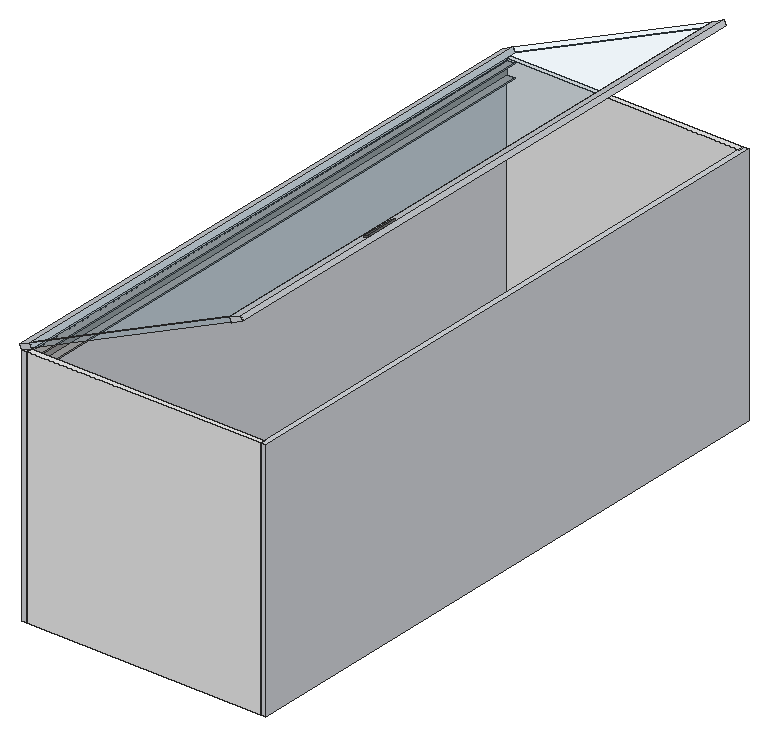
Revit family "Domotics-NetworkCabling-GEWISS-CABINETS_FLOOR-MOUNTED_19_42U_D800", category Apparecchi elettrici, host Superficie, Revit 2019
Family settings
  Host = Superficie
  Mantenere orientamento annotazione = Sì
  Quota connettore circolare = Usa diametro
  Tipo di parte = Normale
  Numero OmniClass = 23.80.30.00
  Titolo OmniClass = Distribution Devices
  Taglio con vuoti quando caricato = No
  Condiviso = No
  Punto di calcolo locali = Sì
Parameters (values of type "GW38463 - FLOOR RACK CABINET 19 42U 800x800MM")
  simbolo in pianta [instance] = yes
  n_poli = 1
  barra din = yes
  Visibilità sportello [instance] = yes
  Version file RFA = "21.2"
  URL = "https://www.gewiss.com/ww/en"
  Type of door = "Reversible"
  Technical sheet = "https://www.gewiss.com/ww/en/search?q=GW38463"
  Static load capacity = "1000KG"
  SEO = "Cabinet"
  Realized by GEWISS S.p.A. = ""
  Prospetto di default = 900 mm
  Produttore = "GEWISS S.p.A."
  Outer dim. LxHxD (mm) = "800x1985x800"
  Nome quadro [instance] = "n.quadro"
  No. uprights = "4"
  Modello = "GW38463"
  Material = "Steel"
  Immagine tipo = C.jpg
  IP degree = "IP20"
  IDT = "cd83dd094835441a857497f56a0b9f0e"
  IDF = "53d4e88d-f4b9-4eae-8332-a898a22cfa6d"
  Finishing = "Textured"
  Electrocod = "3752"
  Door opening = "135°"
  Distanza_x [instance] = 300 mm
  Distanza simbolo [instance] = 0 mm
  Distanza effettiva x [instance] = 1000 mm - Distanza_x  # 700 mm
  Descrizione = "FLOOR RACK CABINET 19 42U 800x800MM"
  Depth (mm) = "800 mm"
  Colour = "Grey (RAL 7035)"
  Category = "19” floor-standing cabinet"
  Catalogue = "DOMOTICS"
  Cabling unity = "42U"
  COBie.Tagnumber = ""
  COBie.CreatedOn = ""
  COBie.CreatebBy = ""
  COBie.ComponentRegisterItemID = ""
  COBie.Component.TagNumber = ""
  COBie.Component.Space = ""
  COBie.Component.SerialNumber = ""
  COBie.Component.InstallationDate = ""
  COBie.Component.Description = ""
  COBie.Component.BarCode = ""
  Apertura [instance] = 25.00°
Reference planes
  plane 1 "Centro (Fronte/Retro)": y = 0
  plane 2: z = 0
  plane 3 "Centro (Sinistra/Destra)": x = 0
  plane 4: x = -1380.34
  plane 5: x = -680.34
Forms (mm)
  Extrusion 1, solid, detail levels coarse
    sketch origin (0, 0, 0) x (1, 0, 0) y (0, 1, 0)
      loop
        line (783.5, 0) -> (783.5, 1985) -> (-16.5, 1985) -> (-16.5, 0) -> (783.5, 0)
    from 0 to 600
Dimensions and locks
  plane 4 to plane 3 "Centro (Sinistra/Destra)" = 1380.34 mm
  "Distanza effettiva x": plane 4 to plane 5
  aligned and locked: host face to plane 2
  aligned and locked: host face to level
  aligned and locked: plane 1 "Centro (Fronte/Retro)" to nested 1
  aligned and locked: nested 2 to plane 5
  aligned and locked: Extrusion 1 sketch curve to nested 1  (x4)
  aligned and locked: plane 3 "Centro (Sinistra/Destra)" to nested 1
  aligned and locked: nested 1 to host face
Automatic sketch dimensions
  host sketch curve to host sketch curve = 3398.537 mm
  host sketch curve to host sketch curve = 3619.2 mm
Nested families
  nested 1: "DATACENTER ARMADIO PARETE 42U P800mM_BASE" at (-16.5, 0, 0), Apertura <- "Apertura", Sportello <- "Visibilità sportello", visible <- "Visibilità sportello", Barra din <- "barra din", Sportello visibile <- "Visibilità sportello", type "DATACENTER ARMADIO PARETE 42U P800mM_BASE", detail levels medium+fine
    with Sportello visibile yes, Sportello yes, Barra din yes, Apertura 25.00°
  nested 2: "DATACENTERsimbolo" at (-680.34, 911.19, 0), Distanza dal muro <- "Distanza simbolo", SIMBOLO ACCESO <- "simbolo in pianta", visible <- "simbolo in pianta", type "3P"
    with SIMBOLO ACCESO yes, Distanza dal muro 0 mm
Connectors
  electrical at (383.5, 992.5, 0), driven by "n_poli"
    settings: on nested 1, index 1, voltage 0 V, apparent load 0 VA, apparent load phase1 0 VA, apparent load phase2 0 VA, apparent load phase3 0 VA, power factor 1, load classification "Altro", number of poles 1, system type 31, power factor state 1, is connector primary yes, connector utility no, sub classification motor no, connector description ""
Definition of nested family "DATACENTER ARMADIO PARETE 42U P800mM_BASE"
  Parameters (values of type "DATACENTER ARMADIO PARETE 42U P800mM_BASE")
    Struttura = none
    Sportello_vetro = none
    Sportello visibile [instance] = yes
    Sportello lato = none
    Sportello [instance] = yes
    Profondità quadro = 800 mm  # constant formula
    L_quadro = 800 mm  # constant formula
    Barra din [instance] = yes
    Altezza quadro = 1985 mm  # constant formula
    Apertura [instance] = 32.00°
  Reference planes
    plane 1 "Centro (Fronte/Retro)": y = 0
    plane 2: z = 0
    plane 3 "Centro (Sinistra/Destra)": x = 0
    plane 4: x = 800
    plane 5: y = 1985
    plane 6: x = 16.5
    plane 7: y = 1968.5
    plane 8: y = 16.5
    plane 9: x = 783.5
    plane 10: z = 800
    plane 11: z = 16.5
    plane 12: x = 46.5
    plane 13: x = 18.5
    plane 14: z = 796
    plane 15: z = 751
    plane 16: z = 794
    plane 17: x = 20.5
    plane 18: z = 753
    plane 19: x = 44.5
    plane 20: z = 18.5
    plane 21: z = 63.5
    plane 22: z = 61.5
    plane 23: z = 20.5
  Forms (mm)
    Extrusion 1, solid, material <- "Struttura"
      sketch origin (0, 0, 0) x (1, 0, 0) y (0, 1, 0)
        loop
          line (16.5, 1968.5) -> (783.5, 1968.5) -> (783.5, 1985) -> (16.5, 1985) -> (16.5, 1968.5)
      from 0 to 800
    Extrusion 2, solid
      sketch origin (0, 0, 0) x (1, 0, 0) y (0, 1, 0)
        loop
          line (16.5, 1968.5) -> (16.5, 16.5) -> (783.5, 16.5) -> (783.5, 1968.5) -> (16.5, 1968.5)
      from 0 to 16.5
    Extrusion 3, solid
      sketch origin (458.466, 0, 1086.482) x (-0.848048, 0, -0.529919) y (0, -1, 0)
        loop
          line (-259.386, 0) -> (-259.386, -1985) -> (-220.759, -1985) -> (-220.759, 0) -> (-259.386, 0)
        loop
          line (540.614, -1985) -> (540.614, 0) -> (506.604, 0) -> (506.604, -1985) -> (540.614, -1985)
      from 0 to 15
    Extrusion 4, solid, material <- "Sportello_vetro", visible <- "Sportello visibile"
      sketch origin (458.466, 0, 1086.482) x (-0.848048, 0, -0.529919) y (0, -1, 0)
        loop
          line (506.604, 0) -> (-220.759, 0) -> (-220.759, -1985) -> (506.604, -1985) -> (506.604, 0)
      from 0 to 15
    Extrusion 5, solid
      sketch origin (0, 0, 0) x (1, 0, 0) y (0, 1, 0)
        loop
          line (0, 1985) -> (0, 0) -> (16.5, 0) -> (16.5, 1985) -> (0, 1985)
        loop
          line (800, 0) -> (800, 1985) -> (783.5, 1985) -> (783.5, 0) -> (800, 0)
      from 0 to 800
    Extrusion 6, solid, material <- "Struttura"
      sketch origin (0, 400, 0) x (1, 0, 0) y (0, 1, 0)
        loop
          line (16.5, -383.5) -> (16.5, -400) -> (783.5, -400) -> (783.5, -383.5) -> (16.5, -383.5)
      from 0 to 800
    Extrusion 7, solid
      sketch origin (458.466, 0, 1086.482) x (-0.848048, 0, -0.529919) y (0, -1, 0)
        loop
          line (-234.386, -647.5) -> (-234.386, -537.5) -> (-249.386, -537.5) -> (-249.386, -647.5) -> (-234.386, -647.5)
      from 2.698 to 17.686
    Extrusion 8, solid, visible <- "Barra din"
      sketch origin (0, 0, 0) x (1, 0, 0) y (0, 0, 1)
        loop
          line (46.5, 796) -> (18.5, 796) -> (18.5, 751) -> (46.5, 751) -> (46.5, 753) -> (20.5, 753) -> (20.5, 794) -> (46.5, 794) -> (46.5, 796)
      from -1968.5 to -16.5
    Extrusion 9, solid, visible <- "Barra din"
      sketch origin (0, 0, 600) x (1, 0, 0) y (0, 0, 1)
        loop
          line (46.5, -581.5) -> (46.5, -579.5) -> (20.5, -579.5) -> (20.5, -538.5) -> (46.5, -538.5) -> (46.5, -536.5) -> (18.5, -536.5) -> (18.5, -581.5) -> (46.5, -581.5)
      from -1968.5 to -16.5
  Lines and regions (mm)
    reference lines
      curve 1: line (458.466, 0, 1086.482) -> (0, 0, 800)
  Dimensions and locks
    "L_quadro": plane 3 "Centro (Sinistra/Destra)" to plane 4
    "Altezza quadro": plane 1 "Centro (Fronte/Retro)" to plane 5
    locked: plane 5 to plane 7 at 16.5
    locked: plane 9 to plane 4 at 16.5
    locked: plane 3 "Centro (Sinistra/Destra)" to plane 6 at 16.5
    locked: plane 1 "Centro (Fronte/Retro)" to plane 8 at 16.5
    "Profondità quadro": plane 10 to plane 2
    locked: plane 11 to level at 16.5
    locked: plane 6 to plane 12 at 30
    locked: Extrusion 3 sketch curve to Extrusion 3 sketch curve at 38.628
    locked: Extrusion 3 sketch curve to Extrusion 3 sketch curve at 34.009
    "L_quadro": Extrusion 3 sketch curve to Extrusion 3 sketch curve
    "Altezza quadro": Extrusion 3 sketch curve to Extrusion 3 sketch curve  (x2)
    "Altezza quadro": Extrusion 4 sketch curve to Extrusion 4 sketch curve
    Extrusion 7 sketch curve to Extrusion 7 sketch curve = 15 mm
    Extrusion 3 to Extrusion 3 = 1985 mm
    locked: plane 13 to plane 6 at 2
    locked: plane 10 to plane 14 at 4
    locked: plane 14 to plane 16 at 2
    locked: plane 18 to plane 15 at 2
    locked: plane 14 to plane 15 at 45
    locked: plane 23 to plane 20 at 2
    "Apertura": angle plane 10 to curve 1
    aligned and locked: level to plane 2
    aligned and locked: Extrusion 1 sketch curve to plane 7
    aligned and locked: Extrusion 1 sketch curve to plane 5
    aligned and locked: Extrusion 1 sketch curve to plane 6
    aligned and locked: plane 9 to Extrusion 1 sketch curve
    aligned and locked: plane 10 to Extrusion 1
    aligned and locked: Extrusion 2 sketch curve to plane 6
    aligned and locked: Extrusion 2 sketch curve to plane 7
    aligned and locked: Extrusion 2 sketch curve to plane 9
    aligned and locked: Extrusion 2 sketch curve to plane 8
    aligned and locked: plane 11 to Extrusion 2
    aligned and locked: curve 1 to Extrusion 1
    aligned and locked: plane 10 to curve 1
    aligned and locked: Extrusion 3 sketch curve to plane 5
    aligned and locked: Extrusion 3 sketch curve to plane 1 "Centro (Fronte/Retro)"
    aligned and locked: Extrusion 4 sketch curve to curve 1
    aligned and locked: Extrusion 4 sketch curve to Extrusion 3  (x2)
    aligned and locked: Extrusion 5 sketch curve to plane 3 "Centro (Sinistra/Destra)"
    aligned and locked: Extrusion 5 sketch curve to plane 6
    aligned and locked: Extrusion 5 sketch curve to plane 4
    aligned and locked: Extrusion 5 sketch curve to plane 9
    aligned and locked: Extrusion 5 sketch curve to plane 5
    aligned and locked: Extrusion 5 sketch curve to plane 1 "Centro (Fronte/Retro)"
    aligned and locked: plane 10 to Extrusion 5
    aligned and locked: plane 8 to Extrusion 6 sketch curve
    aligned and locked: plane 1 "Centro (Fronte/Retro)" to Extrusion 6 sketch curve
    aligned and locked: plane 9 to Extrusion 6 sketch curve
    aligned and locked: plane 6 to Extrusion 6 sketch curve
    aligned and locked: Extrusion 8 sketch curve to plane 14
    aligned and locked: Extrusion 8 sketch curve to plane 13
    aligned and locked: Extrusion 8 sketch curve to plane 15
    aligned and locked: Extrusion 8 sketch curve to plane 18
    aligned and locked: Extrusion 8 sketch curve to plane 17
    aligned and locked: Extrusion 8 sketch curve to plane 12
    aligned and locked: Extrusion 8 sketch curve to plane 16
    aligned and locked: Extrusion 8 to Extrusion 1
    aligned and locked: Extrusion 8 to Extrusion 6
    aligned and locked: plane 21 to Extrusion 9 sketch curve
    aligned and locked: plane 22 to Extrusion 9 sketch curve
    aligned and locked: plane 23 to Extrusion 9 sketch curve
    aligned and locked: plane 20 to Extrusion 9 sketch curve
    aligned and locked: plane 17 to Extrusion 9 sketch curve
    aligned and locked: plane 13 to Extrusion 9 sketch curve
    aligned and locked: Extrusion 2 to Extrusion 9
    aligned and locked: Extrusion 9 to Extrusion 1
    aligned and locked: Extrusion 6 to Extrusion 1
  Automatic sketch dimensions
    plane 1 "Centro (Fronte/Retro)" to Extrusion 5 sketch curve = 0 mm
    Extrusion 5 sketch curve to plane 5 = 0 mm
    Extrusion 8 sketch curve to plane 12 = 0 mm
    Extrusion 9 sketch curve to plane 12 = 0 mm  (x2)
    Extrusion 7 sketch curve to curve 1 = 249.386 mm
    Extrusion 7 sketch curve to Extrusion 7 sketch curve = 15 mm
    Extrusion 7 sketch curve to curve 1 = 647.5 mm
    Extrusion 7 sketch curve to Extrusion 7 sketch curve = 110 mm
    curve 1 to plane 3 "Centro (Sinistra/Destra)" = 0 mm
    Extrusion 3 sketch curve to curve 1 = 0 mm
Definition of nested family "DATACENTERsimbolo"
  Parameters (values of type "3P")
    SIMBOLO ACCESO [instance] = yes
    Distanza dal muro [instance] = 0 mm
  Reference planes
    plane 1: y = 0
    plane 2: x = 0
  Dimensions and locks
    "Distanza dal muro": plane 1 to nested 1
    aligned and locked: plane 2 to nested 1
  Nested families
    nested 1: "DATACENTERsimbolo.base" at (0, 0, 0), type "3P"
      with CORNICE SIMBOLO yes
  Definition of nested family "DATACENTERsimbolo.base"
    Parameters (values of type "3P")
      Testo = ""
      CORNICE SIMBOLO [instance] = yes
      3P = yes
    Reference planes
      plane 1: y = 0
      plane 2: x = 0
    Lines and regions (mm)
      detail lines
        curve 1: line (6.852, 3.426, 0) -> (8.859, 3.426, 0)
        curve 2: line (8.859, 3.426, 0) -> (8.859, 0, 0)
        curve 3: line (8.859, 0, 0) -> (6.852, 0, 0)
        curve 4: line (6.852, 0, 0) -> (0, 3.426, 0)
        curve 5: line (0, 3.426, 0) -> (3.027, 3.426, 0)
        curve 6: line (3.027, 3.426, 0) -> (6.852, 3.426, 0)
        curve 7: line (6.852, 3.426, 0) -> (6.852, 0, 0)
        curve 8: line (6.852, 0, 0) -> (0, 0, 0)
        curve 9: line (0, 0, 0) -> (0, 3.426, 0)
        curve 10: line (7.856, 1.713, 0) -> (7.856, 2.67, 0)
        curve 11: line (8.526, 0.756, 0) -> (8.526, 1.713, 0)
        curve 12: line (8.526, 1.713, 0) -> (7.185, 1.713, 0)
        curve 13: line (7.185, 1.713, 0) -> (7.185, 0.756, 0)
    Text (mm)
      label "RJ" at (7.87, 1.29, 0), shows "Testo"
    Nested families
      nested 1: "testo_simb" at (7.89, 1.134, 0), type "3P"
        with SIMBOLO ACCESO yes, Distanza dal muro 0 mm
      nested 2: "testo_simb" at (7.855, 0, 0), type "3P"
        with SIMBOLO ACCESO yes, Distanza dal muro 0 mm
      nested 3: "testo_simb" at (7.855, 0, 0), type "3P"
        with SIMBOLO ACCESO yes, Distanza dal muro 0 mm
      nested 4: "testo_simb" at (7.855, 0, 0), type "3P"
        with SIMBOLO ACCESO yes, Distanza dal muro 0 mm
      nested 5: "testo_simb" at (7.855, 0, 0), type "3P"
        with SIMBOLO ACCESO yes, Distanza dal muro 0 mm
    Definition of nested family "testo_simb"
      Parameters (values of type "3P")
        testo simb = ""
        SIMBOLO ACCESO [instance] = yes
        Distanza dal muro [instance] = 0 mm
      Reference planes
        plane 1: y = 0
        plane 2: x = 0
      Text (mm)
        label "RJ" at (0.02, 0.123, 0), shows "testo simb"
